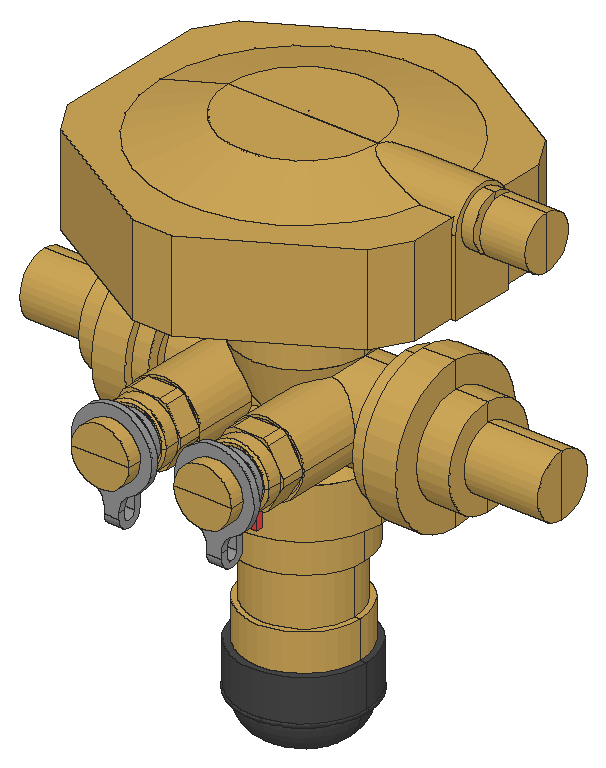
Revit family "Kombiventil 4006_M", category Rohrzubehör, Revit 2021
Family settings
  Bemaßung runder Anschluss = Durchmesser verwenden
  Teiletyp = Unterbricht
  OmniClass-Nummer = 23.65.55.14
  OmniClass-Titel = Valves for Liquid Services
  Arbeitsebenenbasiert = Nein
  Immer vertikal = Ja
  Beim Laden mit Abzugskörper schneiden = Nein
  Gemeinsam genutzt = Nein
Parameters
  kvs-Wert [instance] = if(Nennweite = 15.000 mm, 1.01, if(Nennweite = 20.000 mm, 2, if(Nennweite = 25.000 mm, 3.26, if(Nennweite = 32.000 mm, 5.59, if(Nennweite = 40.000 mm, 9.49, if(Nennweite = 50.000 mm, 9.17, 0))))))  # 1.01
  Vorgabe-Ansicht = 0.000 mm
  Min. Betriebstemperatur (Frostschutz) = -20 °C  # constant formula
  Max. Betriebstemperatur bis DN32 = 130 °C  # constant formula
  Max. Betriebstemperatur ab DN40 = 110 °C  # constant formula
  Max. Betriebsdruck = 1600000.0 Pa  # constant formula
  VRL04 = 8.000 mm  # constant formula
  VRL03 [instance] = L01 + 4.000 mm  # 12.000 mm
  VRL02 = 18.000 mm  # constant formula
  VRL01 [instance] = size_lookup("4006M_", "VRL1", 30.000 mm, Nennweite)  # 30.000 mm
  URL = "www.herz-armaturen.at"
  Stift = "Edelstahl 14301"  # constant formula
  SCRNSEQ = "ARM;ARM_TYP=\"DURR\";2"
  SCRNCODE = "05;04;02"  # constant formula
  S05 [instance] = VRL01  # 30.000 mm
  S04 [instance] = H08 + (S03 / 2)  # 45.750 mm
  S03 [instance] = H09 + 4.700 mm  # 26.500 mm
  S02 [instance] = VRD01 * 2  # 36.400 mm
  S01 [instance] = 10.000 mm  # constant formula
  R12 = 3.900 mm  # constant formula
  R11 = 6.500 mm  # constant formula
  R10 = 35.000 mm  # constant formula
  R09 = 18.250 mm  # constant formula
  R08 = 11.300 mm  # constant formula
  R07 [instance] = size_lookup("4006M_", "R7", 17.300 mm, Nennweite)  # 17.300 mm
  R06 [instance] = size_lookup("4006M_", "R6", 19.000 mm, Nennweite)  # 19.000 mm
  R05 = 15.000 mm  # constant formula
  R04 = 12.500 mm  # constant formula
  R02 [instance] = size_lookup("4006M_", "R2", 15.000 mm, Nennweite)  # 15.000 mm
  R01 [instance] = size_lookup("4006M_", "R1", 11.500 mm, Nennweite)  # 11.500 mm
  PN = 16  # constant formula
  O-Ringe = "EPDM"  # constant formula
  Nennweite [instance] = 15.000 mm
  Min. Betriebstemperatur (reines Wasser) = 2 °C  # constant formula
  Membrangehäuse = "Messing CW602N"  # constant formula
  Membrane = "EPDM"  # constant formula
  Medium = "Heizungswasserqualität nach ÖNORM H 5195 oder VDI-Richtline 2035.\r\nDie Verwendung von Ethylen- oder\nPropylenglykol in einem Mischungsverhältnis 25 - 50% ist zulässig."
  L06 [instance] = L00 / 2  # 33.000 mm
  L05 = 11.000 mm  # constant formula
  L04 = 1.500 mm  # constant formula
  L03 = 3.200 mm  # constant formula
  L02 = 43.500 mm  # constant formula
  L01 [instance] = size_lookup("4006M_", "L1", 8.000 mm, Nennweite)  # 8.000 mm
  L00 [instance] = size_lookup("4006M_", "L", 66.000 mm, Nennweite)  # 66.000 mm
  Impulsleitung = "Kupfer Cu-DHP (CW024A)"  # constant formula
  Hub = 4.000 mm  # constant formula
  Hersteller = "HERZ Armaturen Ges.m.b.H."  # constant formula
  H13 [instance] = H02 - H05 - H03 - H04 - 2.000 mm  # 21.700 mm
  H12 = 19.250 mm  # constant formula
  H11 [instance] = size_lookup("4006M_", "H11", 59.000 mm, Nennweite)  # 59.000 mm
  H10 [instance] = H08 + H09  # 54.300 mm
  H09 = 21.800 mm  # constant formula
  H08 [instance] = H01 + H06 + H07  # 32.500 mm
  H07 = 4.000 mm  # constant formula
  H06 [instance] = size_lookup("4006M_", "H6", 10.000 mm, Nennweite)  # 10.000 mm
  H05 = 9.000 mm  # constant formula
  H04 [instance] = size_lookup("4006M_", "H4", 9.600 mm, Nennweite)  # 9.600 mm
  H03 [instance] = size_lookup("4006M_", "H3", 13.000 mm, Nennweite)  # 13.000 mm
  H02 [instance] = size_lookup("4006M_", "H2", 55.300 mm, Nennweite)  # 55.300 mm
  H01 [instance] = size_lookup("4006M_", "H1", 18.500 mm, Nennweite)  # 18.500 mm
  Gehäuse = "DZR Messing CC770S"  # constant formula
  VRG03 [instance] = Nennweite / 2  # 7.500 mm
  G02 [instance] = size_lookup("4006M_", "G2", 13.900 mm, Nennweite)  # 13.900 mm
  G01 [instance] = size_lookup("4006M_", "G1", 13.200 mm, Nennweite)  # 13.200 mm
  Durchfluss bei Einstellung 100% [instance] = if(Nennweite = 15.000 mm, 0.12 L/s, if(Nennweite = 20.000 mm, 0.25 L/s, if(Nennweite = 25.000 mm, 0.53 L/s, if(Nennweite = 32.000 mm, 0.69 L/s, if(Nennweite = 40.000 mm, 1.44 L/s, if(Nennweite = 50.000 mm, 1.34 L/s, 0.0 L/s))))))  # 0.12 L/s
  Druckfeder = "Federstahl"  # constant formula
  DN50 [instance] = Nennweite = 50.000 mm  # no
  DN40 [instance] = Nennweite = 40.000 mm  # no
  DN32 [instance] = Nennweite = 32.000 mm  # no
  DN25 [instance] = Nennweite = 25.000 mm  # no
  DN20 [instance] = Nennweite = 20.000 mm  # no
  DN15 [instance] = Nennweite = 15.000 mm  # yes
  VRD03 [instance] = VRG03 + 4.500 mm  # 12.000 mm
  VRD02 [instance] = G01 + 3.000 mm  # 16.200 mm
  VRD01 [instance] = G01 + 5.000 mm  # 18.200 mm
  Bestellnummer Verschraubung [instance] = size_lookup("4006M_", "Vrnr", 0, Nennweite)  # 1621011
  Bestellnummer [instance] = size_lookup("4006M_", "Artnr", 0, Nennweite)  # 1400611
  Bauschutzkappe = "Kunststoff"  # constant formula
  Anwendungsgebiet = "Das Kombiventil wird in allen pumpenbetriebenen Heiz- und Kühlanlagen eingesetzt. Der Regler begrenzt automatisch\r\nden Volumenstrom im gewählten Anlagenteil auf den einmal eingestellten Wert, indem alle Druckschwankungen\r\ngemessen und ausgeregelt werden. Somit sind keine Messungen erforderlich und die Regelung ist bei allen\r\nBetriebsbedingungen effektiv. Das Kombiventil regelt den Volumenstrom der ventileigenen Voreinstellung auf einen\r\nkonstanten Wert; die Membran regelt aufgrund des Druckes unmittelbar nach dem Regeleinsatz, sowie des Druckes\r\ndavor.\r\nDie Verwendung von Ethylen- und Propylenglykol ist im Mischungsverhältnis 25 - 50 Vol.- [%] zulässig."
Reference planes
  plane 1 "Mitte (Vorne/hinten)": y = 0
  plane 2: z = 0
  plane 3 "Mitte (Links/rechts)": x = 0
Forms (mm)
  Revolve 1, solid, material "Messing, weicher Gelbton, geschweißt", detail levels fine
    sketch origin (0, 0, 0) x (1, 0, 0) y (0, 0, 1)
      loop
        line (-33, 0) -> (33, 0) -> (33, 13.2) -> (25, 13.2) -> (25, 11.5) -> (-25, 11.5) -> (-25, 13.2) -> (-33, 13.2) -> (-33, 0)
      axis (-33, 0) -> (33, 0)
    angle from 0 to 360
  Revolve 2, solid, material "Messing, weicher Gelbton, geschweißt", detail levels fine
    sketch origin (0, 0, 0) x (1, 0, 0) y (0, 0, 1)
      loop
        line (0, -55.3) -> (0, 18.5) -> (-15, 18.5) -> (-15, 11.5) -> (-11.5, 0) -> (-19, -11.5) -> (-19, -23.7) -> (-15, -23.7) -> (-15, -33.3) -> (-12.5, -33.3) -> (-12.5, -46.3) -> (-13.9, -46.3) -> (-13.9, -55.3) -> (0, -55.3)
      axis (0, 18.5) -> (0, -55.3)
    angle from 0 to 360
  Extrusion 3, solid, material "Messing, weicher Gelbton, geschweißt", detail levels fine
    sketch origin (0, 0, 0) x (0, -1, 0) y (1, 0, 0)
      loop
        line (-46, -4.75) -> (-27.114, -37.462) -> (-18.886, -42.212) -> (18.886, -42.212) -> (27.114, -37.462) -> (46, -4.75) -> (46, 4.75) -> (27.114, 37.462) -> (18.886, 42.212) -> (-18.886, 42.212) -> (-27.114, 37.462) -> (-46, 4.75) -> (-46, -4.75)
    from 32.5 to 54.3
  Revolve 4, solid, material "Messing, weicher Gelbton, geschweißt", detail levels fine
    sketch origin (0, 0, 0) x (1, 0, 0) y (0, 0, 1)
      loop
        line (0, 54.3) -> (0, 59) -> (-18.25, 59) -> (-35, 54.3) -> (0, 54.3)
      axis (0, 59) -> (0, 54.3)
    angle from 0 to 360
  Extrusion 5, solid, material "Messing, weicher Gelbton, geschweißt", detail levels fine
    sketch origin (0, 0, 0) x (0, 1, 0) y (0, 0, 1)
      loop
        arc (7.85, 51.15) -> (0, 59) -> (-7.85, 51.15) r 7.85
        line (-7.85, 51.15) -> (-7.85, 32.5) -> (7.85, 32.5) -> (7.85, 51.15)
    from 0 to 43.5
  Revolve 6, solid, material "Messing, weicher Gelbton, geschweißt", detail levels fine
    sketch origin (0, 0, 0) x (1, 0, 0) y (0, 0, 1)
      loop
        line (43.5, 51.75) -> (59.2, 51.75) -> (59.2, 58.25) -> (48.2, 58.25) -> (48.2, 55.65) -> (46.7, 55.65) -> (46.7, 58.25) -> (43.5, 58.25) -> (43.5, 51.75)
      axis (43.5, 51.75) -> (59.2, 51.75)
    angle from 0 to 360
  Revolve 7, solid, material "Messing, weicher Gelbton, geschweißt", visible <- "DN15", detail levels fine
    sketch origin (0, 0, 0) x (1, 0, 0) y (0, 1, 0)
      loop
        line (-12.5, 24) -> (-20.2, 24) -> (-20.2, 0) -> (-21.5, 0) -> (-21.5, -27) -> (-12.5, -27) -> (-12.5, 24)
      axis (-12.5, 24) -> (-12.5, -27)
    angle from 0 to 360
  Revolve 8, solid, material "Messing, weicher Gelbton, geschweißt", visible <- "DN15", detail levels fine
    sketch origin (-12.5, 0, 0) x (0, 1, 0) y (0, 0, 1)
      loop
        line (24, 0) -> (39.7, 0) -> (39.7, 6.5) -> (28.7, 6.5) -> (28.7, 3.9) -> (27.2, 3.9) -> (27.2, 6.5) -> (24, 6.5) -> (24, 0)
      axis (24, 0) -> (39.7, 0)
    angle from 0 to 360
  Revolve 9, solid, material "Messing, weicher Gelbton, geschweißt", visible <- "DN15", detail levels fine
    sketch origin (0, 0, 0) x (1, 0, 0) y (0, 1, 0)
      loop
        line (12.5, 0) -> (12.5, -27) -> (21.6, -27) -> (21.6, 0) -> (12.5, 0)
      axis (12.5, 0) -> (12.5, -27)
    angle from 0 to 360
  Revolve 10, solid, material "Messing, weicher Gelbton, geschweißt", visible <- "DN20", detail levels fine
    sketch origin (-2, 0, 0) x (1, 0, 0) y (0, 1, 0)
      loop
        line (-12.5, 27) -> (-20.2, 27) -> (-20.2, 0) -> (-21.5, 0) -> (-21.5, -29) -> (-12.5, -29) -> (-12.5, 27)
      axis (-12.5, 27) -> (-12.5, -29)
    angle from 0 to 360
  Revolve 11, solid, material "Messing, weicher Gelbton, geschweißt", visible <- "DN20", detail levels fine
    sketch origin (2, 0, 0) x (1, 0, 0) y (0, 1, 0)
      loop
        line (12.5, 0) -> (12.5, -29) -> (21.6, -29) -> (21.6, 0) -> (12.5, 0)
      axis (12.5, 0) -> (12.5, -29)
    angle from 0 to 360
  Revolve 12, solid, material "Messing, weicher Gelbton, geschweißt", visible <- "DN20", detail levels fine
    sketch origin (-14.5, 3, 0) x (0, 1, 0) y (0, 0, 1)
      loop
        line (24, 0) -> (39.7, 0) -> (39.7, 6.5) -> (28.7, 6.5) -> (28.7, 3.9) -> (27.2, 3.9) -> (27.2, 6.5) -> (24, 6.5) -> (24, 0)
      axis (24, 0) -> (39.7, 0)
    angle from 0 to 360
  Revolve 13, solid, material "Messing, weicher Gelbton, geschweißt", visible <- "DN25", detail levels fine
    sketch origin (-2.1, 0, 0) x (1, 0, 0) y (0, 1, 0)
      loop
        line (-12.5, 27) -> (-20.2, 27) -> (-20.2, 0) -> (-21.5, 0) -> (-21.5, -29) -> (-12.5, -29) -> (-12.5, 27)
      axis (-12.5, 27) -> (-12.5, -29)
    angle from 0 to 360
  Revolve 14, solid, material "Messing, weicher Gelbton, geschweißt", visible <- "DN25", detail levels fine
    sketch origin (-14.6, 3, 0) x (0, 1, 0) y (0, 0, 1)
      loop
        line (24, 0) -> (39.7, 0) -> (39.7, 6.5) -> (28.7, 6.5) -> (28.7, 3.9) -> (27.2, 3.9) -> (27.2, 6.5) -> (24, 6.5) -> (24, 0)
      axis (24, 0) -> (39.7, 0)
    angle from 0 to 360
  Revolve 15, solid, material "Messing, weicher Gelbton, geschweißt", visible <- "DN25", detail levels fine
    sketch origin (2.1, 0, 0) x (1, 0, 0) y (0, 1, 0)
      loop
        line (12.5, 0) -> (12.5, -29) -> (21.6, -29) -> (21.6, 0) -> (12.5, 0)
      axis (12.5, 0) -> (12.5, -29)
    angle from 0 to 360
  Revolve 16, solid, material "Messing, weicher Gelbton, geschweißt", visible <- "DN32", detail levels fine
    sketch origin (0, 0, 0.637) x (1, 0, 0) y (0, 0, 1)
      loop
        line (-31.5, -0.637) -> (-40.5, -0.637) -> (-40.5, -43.437) -> (-31.5, -43.437) -> (-31.5, -0.637)
      axis (-31.5, -43.437) -> (-31.5, -0.637)
    angle from 0 to 360
  Revolve 17, solid, material "Messing, weicher Gelbton, geschweißt", visible <- "DN32", detail levels fine
    sketch origin (0, 0, 0.637) x (-1, 0, 0) y (0, 0, 1)
      loop
        line (-31.5, -0.637) -> (-40.5, -0.637) -> (-40.5, -43.437) -> (-31.5, -43.437) -> (-31.5, -0.637)
      axis (-31.5, -43.437) -> (-31.5, -0.637)
    angle from 0 to 360
  Revolve 18, solid, material "Messing, weicher Gelbton, geschweißt", visible <- "DN40", detail levels fine
    sketch origin (0, 0, 0) x (1, 0, 0) y (0, 0, 1)
      loop
        line (-37, 0) -> (-46, 0) -> (-46, -54.2) -> (-37, -54.2) -> (-37, 0)
      axis (-37, 0) -> (-37, -54.2)
    angle from 0 to 360
  Revolve 19, solid, material "Messing, weicher Gelbton, geschweißt", visible <- "DN40", detail levels fine
    sketch origin (0, 0, 0) x (-1, 0, 0) y (0, 0, 1)
      loop
        line (-37, 0) -> (-46, 0) -> (-46, -54.2) -> (-37, -54.2) -> (-37, 0)
      axis (-37, 0) -> (-37, -54.2)
    angle from 0 to 360
  Revolve 20, solid, material "Messing, weicher Gelbton, geschweißt", visible <- "DN50", detail levels fine
    sketch origin (-0.1, 0, 0) x (1, 0, 0) y (0, 0, 1)
      loop
        line (-37, 0) -> (-46, 0) -> (-46, -54.2) -> (-37, -54.2) -> (-37, 0)
      axis (-37, 0) -> (-37, -54.2)
    angle from 0 to 360
  Revolve 21, solid, material "Messing, weicher Gelbton, geschweißt", visible <- "DN50", detail levels fine
    sketch origin (0.1, 0, 0) x (-1, 0, 0) y (0, 0, 1)
      loop
        line (-37, 0) -> (-46, 0) -> (-46, -54.2) -> (-37, -54.2) -> (-37, 0)
      axis (-37, 0) -> (-37, -54.2)
    angle from 0 to 360
  Revolve 22, solid, material "Messing, weicher Gelbton, geschweißt", detail levels fine
    sketch origin (-97.028, 0, 0) x (1, 0, 0) y (0, 0, 1)
      loop
        line (130.028, 0) -> (160.028, 0) -> (160.028, 7.5) -> (142.028, 7.5) -> (142.028, 12) -> (134.028, 12) -> (134.028, 18.2) -> (126.028, 18.2) -> (126.028, 16.2) -> (122.028, 16.2) -> (122.028, 13.2) -> (130.028, 13.2) -> (130.028, 0)
      axis (122.028, 0) -> (160.028, 0)
    angle from 0 to 360
  Revolve 23, solid, material "Messing, weicher Gelbton, geschweißt", detail levels fine
    sketch origin (97.028, 0, 0) x (-1, 0, 0) y (0, 0, 1)
      loop
        line (130.028, 0) -> (160.028, 0) -> (160.028, 7.5) -> (142.028, 7.5) -> (142.028, 12) -> (134.028, 12) -> (134.028, 18.2) -> (126.028, 18.2) -> (126.028, 16.2) -> (122.028, 16.2) -> (122.028, 13.2) -> (130.028, 13.2) -> (130.028, 0)
      axis (122.028, 0) -> (160.028, 0)
    angle from 0 to 360
  Revolve 24, solid, material "Messing, weicher Gelbton, geschweißt", visible <- "DN40", detail levels fine
    sketch origin (-17.5, 0, 0) x (1, 0, 0) y (0, 1, 0)
      loop
        line (-12.5, -39.5) -> (-12.5, 0) -> (-20.2, 0) -> (-20.2, -39.5) -> (-12.5, -39.5)
      axis (-12.5, 0) -> (-12.5, -39.5)
    angle from 0 to 360
  Revolve 25, solid, material "Messing, weicher Gelbton, geschweißt", visible <- "DN40", detail levels fine
    sketch origin (-30, -15.5, 0) x (0, -1, 0) y (0, 0, -1)
      loop
        line (24, 0) -> (24, -6.5) -> (27.2, -6.5) -> (27.2, -3.9) -> (28.7, -3.9) -> (28.7, -6.5) -> (39.7, -6.5) -> (39.7, 0) -> (24, 0)
      axis (24, 0) -> (39.7, 0)
    angle from 0 to 360
  Revolve 26, solid, material "Messing, weicher Gelbton, geschweißt", visible <- "DN50", detail levels fine
    sketch origin (-17.6, 0, 0) x (1, 0, 0) y (0, 1, 0)
      loop
        line (-12.5, -39.5) -> (-12.5, 0) -> (-20.2, 0) -> (-20.2, -39.5) -> (-12.5, -39.5)
      axis (-12.5, 0) -> (-12.5, -39.5)
    angle from 0 to 360
  Revolve 27, solid, material "Messing, weicher Gelbton, geschweißt", visible <- "DN50", detail levels fine
    sketch origin (-30.1, -15.5, 0) x (0, -1, 0) y (0, 0, -1)
      loop
        line (24, 0) -> (24, -6.5) -> (27.2, -6.5) -> (27.2, -3.9) -> (28.7, -3.9) -> (28.7, -6.5) -> (39.7, -6.5) -> (39.7, 0) -> (24, 0)
      axis (24, 0) -> (39.7, 0)
    angle from 0 to 360
  Revolve 28, solid, material "Messing, weicher Gelbton, geschweißt", visible <- "DN32", detail levels fine
    sketch origin (-9.5, 0, 0) x (1, 0, 0) y (0, 1, 0)
      loop
        line (-12.5, -31) -> (-12.5, 0) -> (-20.2, 0) -> (-20.2, -31) -> (-12.5, -31)
      axis (-12.5, 0) -> (-12.5, -31)
    angle from 0 to 360
  Revolve 29, solid, material "Messing, weicher Gelbton, geschweißt", visible <- "DN32", detail levels fine
    sketch origin (-22, -7, 0) x (0, -1, 0) y (0, 0, -1)
      loop
        line (24, 0) -> (24, -6.5) -> (27.2, -6.5) -> (27.2, -3.9) -> (28.7, -3.9) -> (28.7, -6.5) -> (39.7, -6.5) -> (39.7, 0) -> (24, 0)
      axis (24, 0) -> (39.7, 0)
    angle from 0 to 360
Lines and regions (mm)
  model lines, detail levels coarse+medium
    curve 1: line (33, -18.2, 0) -> (33, 18.2, 0)
    curve 2: line (33, 18.2, 0) -> (-33, -18.2, 0)
    curve 3: line (-33, -18.2, 0) -> (-33, 18.2, 0)
    curve 4: line (-33, 18.2, 0) -> (33, -18.2, 0)
    curve 5: line (0, -18.5, 0) -> (0, -32.5, 0)
    curve 6: spline (-43.5, -45.75, 0) -> (-42.018, -42.321, 0) -> (-37.672, -39.125, 0) -> (-30.759, -36.381, 0) -> (-21.75, -34.275, 0) -> (-11.259, -32.951, 0) -> (0, -32.5, 0) -> (11.259, -32.951, 0) -> (21.75, -34.275, 0) -> (30.759, -36.381, 0) -> (37.672, -39.125, 0) -> (42.018, -42.321, 0) -> (43.5, -45.75, 0) -> (42.018, -49.179, 0) -> (37.672, -52.375, 0) -> (30.759, -55.119, 0) -> (21.75, -57.225, 0) -> (11.259, -58.549, 0) -> (0, -59, 0) -> (-11.259, -58.549, 0) -> (-21.75, -57.225, 0) -> (-30.759, -55.119, 0) -> (-37.672, -52.375, 0) -> (-42.018, -49.179, 0) -> (-43.5, -45.75, 0)
    curve 7: line (-33, 0, 18.2) -> (-33, 0, -18.2)
    curve 8: line (-33, 0, -18.2) -> (33, 0, 18.2)
    curve 9: line (33, 0, 18.2) -> (33, 0, -18.2)
    curve 10: line (33, 0, -18.2) -> (-33, 0, 18.2)
    curve 11: line (0, 0, 18.5) -> (0, 0, 32.5)
    curve 12: spline (-43.5, 0, 45.75) -> (-42.018, 0, 49.179) -> (-37.672, 0, 52.375) -> (-30.759, 0, 55.119) -> (-21.75, 0, 57.225) -> (-11.259, 0, 58.549) -> (0, 0, 59) -> (11.259, 0, 58.549) -> (21.75, 0, 57.225) -> (30.759, 0, 55.119) -> (37.672, 0, 52.375) -> (42.018, 0, 49.179) -> (43.5, 0, 45.75) -> (42.018, 0, 42.321) -> (37.672, 0, 39.125) -> (30.759, 0, 36.381) -> (21.75, 0, 34.275) -> (11.259, 0, 32.951) -> (0, 0, 32.5) -> (-11.259, 0, 32.951) -> (-21.75, 0, 34.275) -> (-30.759, 0, 36.381) -> (-37.672, 0, 39.125) -> (-42.018, 0, 42.321) -> (-43.5, 0, 45.75)
    curve 13: line (0, 0, 18.5) -> (16.5, 0, 9.1)
    curve 14: line (0, 0, 18.5) -> (-16.5, 0, 9.1)
    curve 15: line (33, 0, 18.2) -> (43, 0, 18.2)
    curve 16: line (43, 0, 18.2) -> (33, 0, 0)
    curve 17: line (33, 0, -18.2) -> (43, 0, -18.2)
    curve 18: line (43, 0, -18.2) -> (33, 0, 0)
    curve 19: line (-33, 0, 18.2) -> (-43, 0, 18.2)
    curve 20: line (-43, 0, 18.2) -> (-33, 0, 0)
    curve 21: line (-33, 0, -18.2) -> (-43, 0, -18.2)
    curve 22: line (-43, 0, -18.2) -> (-33, 0, 0)
    curve 23: line (33, 0, 0) -> (63, 0, 0)
    curve 24: line (-33, 0, 0) -> (-63, 0, 0)
    curve 25: line (0, -18.5, 0) -> (-16.5, -9.1, 0)
    curve 26: line (0, -18.5, 0) -> (16.5, -9.1, 0)
    curve 27: line (33, 18.2, 0) -> (43, 18.2, 0)
    curve 28: line (43, 18.2, 0) -> (33, 0, 0)
    curve 29: line (33, -18.2, 0) -> (43, -18.2, 0)
    curve 30: line (43, -18.2, 0) -> (33, 0, 0)
    curve 31: line (-33, 18.2, 0) -> (-43, 18.2, 0)
    curve 32: line (-43, 18.2, 0) -> (-33, 0, 0)
    curve 33: line (-33, -18.2, 0) -> (-43, -18.2, 0)
    curve 34: line (-43, -18.2, 0) -> (-33, 0, 0)
Dimensions and locks
  equal spacing: Revolve 1 sketch curve, plane 3 "Mitte (Links/rechts)", Revolve 1 sketch curve
  "L00": Revolve 1 sketch curve to Revolve 1 sketch curve
  "G01": Revolve 1 sketch curve to Revolve 1 sketch curve  (x2)
  "R01": Revolve 1 sketch curve to Revolve 1 sketch curve
  "L01": Revolve 1 sketch curve to Revolve 1 sketch curve  (x2)
  "H01": Revolve 2 sketch curve to plane 2
  "R01": Revolve 2 sketch curve to plane 2
  "R02": Revolve 2 sketch curve to Revolve 2 sketch curve
  "R01": Revolve 2 sketch curve to Revolve 2 sketch curve
  "H02": plane 2 to Revolve 2 sketch curve
  "G02": plane 3 "Mitte (Links/rechts)" to Revolve 2 sketch curve
  "H05": Revolve 2 sketch curve to Revolve 2 sketch curve
  "R04": Revolve 2 sketch curve to Revolve 2 sketch curve
  "R05": Revolve 2 sketch curve to Revolve 2 sketch curve
  "R06": Revolve 2 sketch curve to Revolve 2 sketch curve
  "R01": plane 2 to Revolve 2 sketch curve
  "H03": Revolve 2 sketch curve to Revolve 2 sketch curve
  "H04": Revolve 2 sketch curve to Revolve 2 sketch curve
  "H08": Extrusion 3 to plane 2
  "H09": Extrusion 3 to Extrusion 3
  "H10": Revolve 4 sketch curve to plane 2
  "H11": Revolve 4 sketch curve to plane 2
  "R09": Revolve 4 sketch curve to Revolve 4 sketch curve
  "R10": Revolve 4 sketch curve to Revolve 4 sketch curve
  "L02": Extrusion 5 to plane 3 "Mitte (Links/rechts)"
  "H08": Extrusion 5 to plane 2
  "H12": Revolve 6 sketch curve to Extrusion 3
  "R11": Revolve 6 sketch curve to Revolve 6 sketch curve  (x2)
  "L03": Revolve 6 sketch curve to Revolve 6 sketch curve
  "L04": Revolve 6 sketch curve to Revolve 6 sketch curve
  "L05": Revolve 6 sketch curve to Revolve 6 sketch curve
  "R12": Revolve 6 sketch curve to Revolve 6 sketch curve
  "R11": Revolve 8 sketch curve to Revolve 8 sketch curve  (x2)
  "L03": Revolve 8 sketch curve to Revolve 8 sketch curve
  "L04": Revolve 8 sketch curve to Revolve 8 sketch curve
  "L05": Revolve 8 sketch curve to Revolve 8 sketch curve
  "R12": Revolve 8 sketch curve to Revolve 8 sketch curve
  "R06": plane 1 "Mitte (Vorne/hinten)" to nested 1
  Revolve 10 sketch curve to plane 1 "Mitte (Vorne/hinten)" = 29.000 mm
  plane 1 "Mitte (Vorne/hinten)" to Revolve 10 sketch curve = 27.000 mm
  Revolve 11 sketch curve to plane 1 "Mitte (Vorne/hinten)" = 29.000 mm
  "R11": Revolve 12 sketch curve to Revolve 12 sketch curve  (x2)
  "L03": Revolve 12 sketch curve to Revolve 12 sketch curve
  "L04": Revolve 12 sketch curve to Revolve 12 sketch curve
  "L05": Revolve 12 sketch curve to Revolve 12 sketch curve
  "R12": Revolve 12 sketch curve to Revolve 12 sketch curve
  "H13": plane 2 to nested 1
  "R11": Revolve 14 sketch curve to Revolve 14 sketch curve  (x2)
  "L03": Revolve 14 sketch curve to Revolve 14 sketch curve
  "L04": Revolve 14 sketch curve to Revolve 14 sketch curve
  "L05": Revolve 14 sketch curve to Revolve 14 sketch curve
  "R12": Revolve 14 sketch curve to Revolve 14 sketch curve
  plane 3 "Mitte (Links/rechts)" to Revolve 16 sketch curve = 31.500 mm
  Revolve 16 sketch curve to Revolve 16 sketch curve = 9.000 mm
  plane 2 to Revolve 16 sketch curve = 42.800 mm
  Revolve 17 sketch curve to Revolve 17 sketch curve = 9.000 mm
  "VRL01": Revolve 22 sketch curve to Revolve 22 sketch curve
  "L01": Revolve 22 sketch curve to Revolve 22 sketch curve
  "G01": Revolve 22 sketch curve to plane 2
  "VRD02": Revolve 22 sketch curve to plane 2
  "VRD01": Revolve 22 sketch curve to plane 2
  "VRG03": Revolve 22 sketch curve to Revolve 22 sketch curve
  "VRL02": Revolve 22 sketch curve to Revolve 22 sketch curve
  "VRD03": Revolve 22 sketch curve to Revolve 22 sketch curve
  "VRL03": Revolve 22 sketch curve to Revolve 22 sketch curve
  "VRL04": Revolve 22 sketch curve to Revolve 22 sketch curve
  "L06": plane 3 "Mitte (Links/rechts)" to Revolve 22 sketch curve
  "VRL01": Revolve 23 sketch curve to Revolve 23 sketch curve
  "L01": Revolve 23 sketch curve to Revolve 23 sketch curve
  "VRG03": Revolve 23 sketch curve to Revolve 23 sketch curve
  "VRL02": Revolve 23 sketch curve to Revolve 23 sketch curve
  "VRD03": Revolve 23 sketch curve to Revolve 23 sketch curve
  "VRL03": Revolve 23 sketch curve to Revolve 23 sketch curve
  "VRL04": Revolve 23 sketch curve to Revolve 23 sketch curve
  "L06": Revolve 23 sketch curve to plane 3 "Mitte (Links/rechts)"
  "H02": plane 2 to nested 2
  equal spacing: curve 3, plane 3 "Mitte (Links/rechts)", curve 1
  "L00": curve 3 to curve 1
  "S02": curve 4 to curve 3
  equal spacing: curve 3, plane 1 "Mitte (Vorne/hinten)", curve 4
  "VRD01": Revolve 23 sketch curve to plane 2
  "VRD02": Revolve 23 sketch curve to plane 2
  equal spacing: curve 4, plane 1 "Mitte (Vorne/hinten)", curve 2
  "S02": curve 2 to curve 4
  "S03": curve 6 to curve 6
  "L02": curve 6 to plane 3 "Mitte (Links/rechts)"
  "L02": plane 3 "Mitte (Links/rechts)" to curve 6
  "S04": curve 6 to plane 1 "Mitte (Vorne/hinten)"
  "H08": curve 5 to plane 1 "Mitte (Vorne/hinten)"
  "S02": curve 10 to curve 8
  equal spacing: curve 10, plane 2, curve 8
  "S02": curve 9 to curve 10
  equal spacing: curve 9, plane 2, curve 10
  "L00": curve 7 to curve 9
  equal spacing: curve 7, plane 3 "Mitte (Links/rechts)", curve 9
  "H08": curve 11 to plane 2
  "S03": curve 12 to curve 12
  "L02": curve 12 to plane 3 "Mitte (Links/rechts)"
  "L02": plane 3 "Mitte (Links/rechts)" to curve 12
  "S04": curve 12 to plane 2
  equal spacing: curve 7, curve 14, plane 3 "Mitte (Links/rechts)"
  equal spacing: curve 9, curve 13, plane 3 "Mitte (Links/rechts)"
  "H01": curve 14 to plane 2
  "S01": curve 9 to curve 16
  "S01": curve 9 to curve 18
  "S01": curve 20 to curve 7
  "S01": curve 22 to curve 7
  "S05": curve 23 to curve 23
  "S05": curve 24 to curve 24
  equal spacing: curve 3, curve 25, plane 3 "Mitte (Links/rechts)"
  equal spacing: nested 2, curve 26, curve 1
  "H01": curve 26 to plane 1 "Mitte (Vorne/hinten)"
  "S01": curve 1 to curve 28
  "S01": curve 1 to curve 30
  "S01": curve 32 to curve 3
  "S01": curve 34 to curve 3
  curve 29 to nested 6 = 8.700 mm
  "R11": Revolve 25 sketch curve to Revolve 25 sketch curve  (x2)
  "L03": Revolve 25 sketch curve to Revolve 25 sketch curve
  "L04": Revolve 25 sketch curve to Revolve 25 sketch curve
  "L05": Revolve 25 sketch curve to Revolve 25 sketch curve
  "R12": Revolve 25 sketch curve to Revolve 25 sketch curve
  Revolve 24 sketch curve to Revolve 24 sketch curve = 39.500 mm
  "R11": Revolve 27 sketch curve to Revolve 27 sketch curve  (x2)
  "L03": Revolve 27 sketch curve to Revolve 27 sketch curve
  "L04": Revolve 27 sketch curve to Revolve 27 sketch curve
  "L05": Revolve 27 sketch curve to Revolve 27 sketch curve
  "R12": Revolve 27 sketch curve to Revolve 27 sketch curve
  Revolve 26 sketch curve to Revolve 26 sketch curve = 39.500 mm
  "R11": Revolve 29 sketch curve to Revolve 29 sketch curve  (x2)
  "L03": Revolve 29 sketch curve to Revolve 29 sketch curve
  "L04": Revolve 29 sketch curve to Revolve 29 sketch curve
  "L05": Revolve 29 sketch curve to Revolve 29 sketch curve
  "R12": Revolve 29 sketch curve to Revolve 29 sketch curve
  Revolve 28 sketch curve to Revolve 28 sketch curve = 31.000 mm
  aligned and locked: level to plane 2
Automatic sketch dimensions
  plane 3 "Mitte (Links/rechts)" to Extrusion 3 sketch curve = 4.750 mm  (x2)
  Extrusion 3 sketch curve to plane 1 "Mitte (Vorne/hinten)" = 46.000 mm
  Extrusion 3 sketch curve to plane 1 "Mitte (Vorne/hinten)" = 27.114 mm  (x2)
  Extrusion 3 sketch curve to Extrusion 3 sketch curve = 8.227 mm  (x4)
  plane 1 "Mitte (Vorne/hinten)" to Extrusion 3 sketch curve = 18.886 mm  (x2)
  Extrusion 3 sketch curve to Extrusion 3 sketch curve = 18.886 mm
  Extrusion 3 sketch curve to plane 3 "Mitte (Links/rechts)" = 4.750 mm  (x2)
  Extrusion 3 sketch curve to plane 3 "Mitte (Links/rechts)" = 37.462 mm  (x2)
  Extrusion 3 sketch curve to Extrusion 3 sketch curve = 4.750 mm  (x2)
  plane 3 "Mitte (Links/rechts)" to Extrusion 3 sketch curve = 37.462 mm  (x2)
  Extrusion 5 sketch curve to plane 1 "Mitte (Vorne/hinten)" = 0.000 mm
  plane 1 "Mitte (Vorne/hinten)" to Extrusion 5 sketch curve = 7.850 mm
  level to Extrusion 5 sketch curve = 32.500 mm
  Extrusion 5 sketch curve to Extrusion 5 sketch curve = 18.650 mm
  Extrusion 5 sketch curve to Extrusion 5 sketch curve = 0.000 mm
  plane 1 "Mitte (Vorne/hinten)" to Revolve 7 sketch curve = 0.000 mm
  Revolve 7 sketch curve to plane 3 "Mitte (Links/rechts)" = 21.500 mm
  Revolve 7 sketch curve to plane 3 "Mitte (Links/rechts)" = 20.200 mm
  Revolve 7 sketch curve to Revolve 7 sketch curve = 7.700 mm
  plane 1 "Mitte (Vorne/hinten)" to Revolve 7 sketch curve = 27.000 mm
  Revolve 7 sketch curve to plane 1 "Mitte (Vorne/hinten)" = 24.000 mm
  Revolve 7 sketch curve to Revolve 7 sketch curve = 0.000 mm  (x3)
  plane 1 "Mitte (Vorne/hinten)" to Revolve 9 sketch curve = 0.000 mm  (x2)
  plane 3 "Mitte (Links/rechts)" to Revolve 9 sketch curve = 12.500 mm
  Revolve 9 sketch curve to Revolve 9 sketch curve = 9.100 mm
  plane 1 "Mitte (Vorne/hinten)" to Revolve 9 sketch curve = 27.000 mm
  Revolve 9 sketch curve to Revolve 9 sketch curve = 0.000 mm  (x2)
  plane 1 "Mitte (Vorne/hinten)" to Revolve 10 sketch curve = 0.000 mm
  Revolve 10 sketch curve to plane 3 "Mitte (Links/rechts)" = 23.500 mm
  Revolve 10 sketch curve to plane 3 "Mitte (Links/rechts)" = 22.200 mm
  Revolve 10 sketch curve to Revolve 10 sketch curve = 7.700 mm
  Revolve 10 sketch curve to Revolve 10 sketch curve = 0.000 mm
  Revolve 10 sketch curve to Revolve 10 sketch curve = 2.000 mm
  Revolve 10 sketch curve to Revolve 10 sketch curve = 3.000 mm
  plane 1 "Mitte (Vorne/hinten)" to Revolve 11 sketch curve = 0.000 mm  (x2)
  plane 3 "Mitte (Links/rechts)" to Revolve 11 sketch curve = 14.500 mm
  Revolve 11 sketch curve to Revolve 11 sketch curve = 9.100 mm
  Revolve 11 sketch curve to Revolve 11 sketch curve = 0.000 mm
  Revolve 11 sketch curve to Revolve 11 sketch curve = 2.000 mm
  plane 1 "Mitte (Vorne/hinten)" to Revolve 13 sketch curve = 0.000 mm
  Revolve 13 sketch curve to plane 3 "Mitte (Links/rechts)" = 23.600 mm
  Revolve 13 sketch curve to plane 3 "Mitte (Links/rechts)" = 22.300 mm
  Revolve 13 sketch curve to Revolve 13 sketch curve = 7.700 mm
  plane 1 "Mitte (Vorne/hinten)" to Revolve 13 sketch curve = 29.000 mm
  Revolve 13 sketch curve to Revolve 13 sketch curve = 27.000 mm
  Revolve 13 sketch curve to Revolve 13 sketch curve = 0.000 mm
  Revolve 13 sketch curve to Revolve 13 sketch curve = 2.000 mm
  Revolve 13 sketch curve to Revolve 13 sketch curve = 3.000 mm
  plane 1 "Mitte (Vorne/hinten)" to Revolve 15 sketch curve = 0.000 mm  (x2)
  plane 3 "Mitte (Links/rechts)" to Revolve 15 sketch curve = 14.600 mm
  Revolve 15 sketch curve to Revolve 15 sketch curve = 9.100 mm
  Revolve 15 sketch curve to Revolve 15 sketch curve = 29.000 mm
  Revolve 15 sketch curve to Revolve 15 sketch curve = 0.000 mm
  Revolve 15 sketch curve to Revolve 15 sketch curve = 2.000 mm
  Revolve 16 sketch curve to level = 0.000 mm
  Revolve 16 sketch curve to Revolve 16 sketch curve = 0.000 mm
  Revolve 16 sketch curve to Revolve 16 sketch curve = 4.238 mm
  level to Revolve 16 sketch curve = 0.637 mm
  Revolve 17 sketch curve to level = 0.000 mm
  Revolve 17 sketch curve to plane 3 "Mitte (Links/rechts)" = 40.500 mm
  level to Revolve 17 sketch curve = 42.800 mm
  Revolve 17 sketch curve to Revolve 17 sketch curve = 0.000 mm
  Revolve 17 sketch curve to Revolve 17 sketch curve = 4.238 mm
  Revolve 17 sketch curve to level = 0.637 mm
  Revolve 18 sketch curve to level = 0.000 mm  (x2)
  Revolve 18 sketch curve to plane 3 "Mitte (Links/rechts)" = 46.000 mm
  Revolve 18 sketch curve to Revolve 18 sketch curve = 9.000 mm
  Revolve 18 sketch curve to level = 54.200 mm
  Revolve 18 sketch curve to Revolve 18 sketch curve = 0.000 mm  (x2)
  Revolve 19 sketch curve to level = 0.000 mm  (x2)
  Revolve 19 sketch curve to plane 3 "Mitte (Links/rechts)" = 46.000 mm
  Revolve 19 sketch curve to Revolve 19 sketch curve = 9.000 mm
  level to Revolve 19 sketch curve = 54.200 mm
  Revolve 19 sketch curve to Revolve 19 sketch curve = 0.000 mm  (x2)
  Revolve 20 sketch curve to level = 0.000 mm  (x2)
  Revolve 20 sketch curve to plane 3 "Mitte (Links/rechts)" = 46.100 mm
  Revolve 20 sketch curve to Revolve 20 sketch curve = 9.000 mm
  Revolve 20 sketch curve to Revolve 20 sketch curve = 54.200 mm
  Revolve 20 sketch curve to Revolve 20 sketch curve = 0.000 mm  (x2)
  Revolve 21 sketch curve to level = 0.000 mm  (x2)
  Revolve 21 sketch curve to plane 3 "Mitte (Links/rechts)" = 46.100 mm
  Revolve 21 sketch curve to Revolve 21 sketch curve = 9.000 mm
  Revolve 21 sketch curve to Revolve 21 sketch curve = 54.200 mm
  Revolve 21 sketch curve to Revolve 21 sketch curve = 0.000 mm  (x2)
  plane 1 "Mitte (Vorne/hinten)" to Revolve 24 sketch curve = 0.000 mm  (x2)
  Revolve 24 sketch curve to plane 3 "Mitte (Links/rechts)" = 37.700 mm
  Revolve 24 sketch curve to Revolve 24 sketch curve = 7.700 mm
  Revolve 24 sketch curve to Revolve 24 sketch curve = 0.000 mm
  Revolve 24 sketch curve to Revolve 24 sketch curve = 15.500 mm
  plane 1 "Mitte (Vorne/hinten)" to Revolve 26 sketch curve = 0.000 mm  (x2)
  Revolve 26 sketch curve to plane 3 "Mitte (Links/rechts)" = 37.800 mm
  Revolve 26 sketch curve to Revolve 26 sketch curve = 7.700 mm
  Revolve 26 sketch curve to Revolve 26 sketch curve = 0.000 mm
  Revolve 26 sketch curve to Revolve 26 sketch curve = 15.500 mm
  plane 1 "Mitte (Vorne/hinten)" to Revolve 28 sketch curve = 0.000 mm  (x2)
  Revolve 28 sketch curve to plane 3 "Mitte (Links/rechts)" = 29.700 mm
  Revolve 28 sketch curve to Revolve 28 sketch curve = 7.700 mm
  Revolve 28 sketch curve to Revolve 28 sketch curve = 0.000 mm
  Revolve 28 sketch curve to Revolve 28 sketch curve = 7.000 mm
  curve 11 to plane 3 "Mitte (Links/rechts)" = 0.000 mm
  curve 23 to level = 0.000 mm
  curve 22 to level = 0.000 mm
  curve 24 to level = 0.000 mm
  curve 26 to plane 3 "Mitte (Links/rechts)" = 0.000 mm
  plane 1 "Mitte (Vorne/hinten)" to curve 28 = 0.000 mm
  plane 1 "Mitte (Vorne/hinten)" to curve 32 = 0.000 mm
  plane 1 "Mitte (Vorne/hinten)" to curve 30 = 0.000 mm
  plane 1 "Mitte (Vorne/hinten)" to curve 34 = 0.000 mm
  Revolve 1 sketch curve to level = 0.000 mm  (x2)
  Revolve 1 sketch curve to Revolve 1 sketch curve = 1473.530 mm
  Revolve 1 sketch curve to Revolve 1 sketch curve = 1806.148 mm
  Revolve 2 sketch curve to level = 0.000 mm
  Revolve 2 sketch curve to plane 3 "Mitte (Links/rechts)" = 0.000 mm  (x2)
  Revolve 2 sketch curve to Revolve 2 sketch curve = 310.745 mm
  Revolve 2 sketch curve to Revolve 2 sketch curve = 2195.815 mm
  Revolve 4 sketch curve to plane 3 "Mitte (Links/rechts)" = 0.000 mm  (x2)
  Revolve 4 sketch curve to level = 366.045 mm
  Revolve 4 sketch curve to Revolve 4 sketch curve = 2155.315 mm
  plane 3 "Mitte (Links/rechts)" to Revolve 6 sketch curve = 43.500 mm
  Revolve 6 sketch curve to Revolve 6 sketch curve = 0.000 mm  (x3)
  Revolve 8 sketch curve to level = 0.000 mm  (x2)
  Revolve 8 sketch curve to plane 1 "Mitte (Vorne/hinten)" = 24.000 mm
  Revolve 8 sketch curve to Revolve 8 sketch curve = 0.000 mm  (x2)
  Revolve 12 sketch curve to level = 0.000 mm  (x2)
  Revolve 12 sketch curve to plane 1 "Mitte (Vorne/hinten)" = 27.000 mm
  Revolve 12 sketch curve to Revolve 12 sketch curve = 0.000 mm  (x2)
  Revolve 14 sketch curve to level = 0.000 mm  (x2)
  Revolve 14 sketch curve to plane 1 "Mitte (Vorne/hinten)" = 27.000 mm
  Revolve 14 sketch curve to Revolve 14 sketch curve = 0.000 mm  (x2)
  Revolve 22 sketch curve to level = 0.000 mm  (x2)
  Revolve 22 sketch curve to plane 3 "Mitte (Links/rechts)" = 1603.558 mm
  Revolve 22 sketch curve to Revolve 22 sketch curve = 1682.120 mm
  Revolve 23 sketch curve to level = 0.000 mm  (x2)
  Revolve 23 sketch curve to Revolve 23 sketch curve = 3.000 mm
  Revolve 23 sketch curve to plane 3 "Mitte (Links/rechts)" = 1603.558 mm
  Revolve 23 sketch curve to Revolve 23 sketch curve = 1682.120 mm
  Revolve 25 sketch curve to level = 0.000 mm  (x2)
  plane 1 "Mitte (Vorne/hinten)" to Revolve 25 sketch curve = 39.500 mm
  Revolve 25 sketch curve to Revolve 25 sketch curve = 0.000 mm  (x2)
  Revolve 27 sketch curve to level = 0.000 mm  (x2)
  plane 1 "Mitte (Vorne/hinten)" to Revolve 27 sketch curve = 39.500 mm
  Revolve 27 sketch curve to Revolve 27 sketch curve = 0.000 mm  (x2)
  Revolve 29 sketch curve to level = 0.000 mm  (x2)
  plane 1 "Mitte (Vorne/hinten)" to Revolve 29 sketch curve = 31.000 mm
  Revolve 29 sketch curve to Revolve 29 sketch curve = 0.000 mm  (x2)
Nested families
  nested 1: "Herz-Logo-vorne" at (-0.018, -19, -17.2) x (0, 1, 0) z (0, 0, 1), type "Herz-Logo-vorne", detail levels fine
  nested 2: "Bauschutzkappe für Kombiventil" at (0, 0, -55.3), type "Bauschutzkappe für Kombiventil", detail levels fine
  nested 3: "Messstutzen_Band_Eintritt" at (-14.5, -11.5, 0), visible <- "DN20", type "Messstutzen_Band_Eintritt"
    with Schutzkappe yes, Nennweite 0.000 mm, Gewicht 0.00 kg, Bestellnummer 0
  nested 4: "Messstutzen_Band_Eintritt" at (-14.6, -11.5, 0), visible <- "DN25", type "Messstutzen_Band_Eintritt"
    with Schutzkappe yes, Nennweite 0.000 mm, Gewicht 0.00 kg, Bestellnummer 0
  nested 5: "Messstutzen_Band_Eintritt" at (-12.5, -9.5, 0), visible <- "DN15", type "Messstutzen_Band_Eintritt"
    with Schutzkappe yes, Nennweite 0.000 mm, Gewicht 0.00 kg, Bestellnummer 0
  nested 6: "Messstutzen_Band_Austritt" at (12.5, -9.5, 0), visible <- "DN15", type "Messstutzen_Band_Austritt"
    with Schutzkappe yes, Nennweite 0.000 mm, Gewicht 0.00 kg, Bestellnummer 0
  nested 7: "Messstutzen_Band_Austritt" at (14.6, -11.5, 0), visible <- "DN25", type "Messstutzen_Band_Austritt"
    with Schutzkappe yes, Nennweite 0.000 mm, Gewicht 0.00 kg, Bestellnummer 0
  nested 8: "Messstutzen_Band_Austritt" at (14.5, -11.5, 0), visible <- "DN20", type "Messstutzen_Band_Austritt"
    with Schutzkappe yes, Nennweite 0.000 mm, Gewicht 0.00 kg, Bestellnummer 0
  nested 9: "Messstutzen_Band_Austritt_senkrecht" at (31.5, 0, -25.3), visible <- "DN32", type "Messstutzen_Band_Austritt_senkrecht"
    with Schutzkappe yes, Nennweite 0.000 mm, Gewicht 0.00 kg, Bestellnummer 0
  nested 10: "Messstutzen_Band_Austritt_senkrecht" at (37.1, 0, -36.7), visible <- "DN50", type "Messstutzen_Band_Austritt_senkrecht"
    with Schutzkappe yes, Nennweite 0.000 mm, Gewicht 0.00 kg, Bestellnummer 0
  nested 11: "Messstutzen_Band_Austritt_senkrecht" at (37, 0, -36.7), visible <- "DN40", type "Messstutzen_Band_Austritt_senkrecht"
    with Schutzkappe yes, Nennweite 0.000 mm, Gewicht 0.00 kg, Bestellnummer 0
  nested 12: "Messstutzen_Band_Eintritt_senkrecht" at (-37, 0, -36.7), visible <- "DN40", type "Messstutzen_Band_Eintritt_senkrecht"
    with Schutzkappe yes, Nennweite 0.000 mm, Gewicht 0.00 kg, Bestellnummer 0
  nested 13: "Messstutzen_Band_Eintritt_senkrecht" at (-37.1, 0, -36.7), visible <- "DN50", type "Messstutzen_Band_Eintritt_senkrecht"
    with Schutzkappe yes, Nennweite 0.000 mm, Gewicht 0.00 kg, Bestellnummer 0
  nested 14: "Messstutzen_Band_Eintritt_senkrecht" at (-31.5, 0, -25.3), visible <- "DN32", type "Messstutzen_Band_Eintritt_senkrecht"
    with Schutzkappe yes, Nennweite 0.000 mm, Gewicht 0.00 kg, Bestellnummer 0
Connectors
  piping at (63, 0, 0), diameter 15, driven by "Nennweite"
    settings: on Revolve 22, index 1, connector inside diameter 609.6 mm, connector length 0.000 mm, flow factor 0, pipe flow 0.0 L/s, pressure drop 0.0 Pa, fitting loss kfactor 0, connector angle 0.00°, fixture units 0, engagement length 0.000 mm, angle of deflection 0.00°, flow configuration 0, flow direction 1, fitting loss method 0, system type 29, joint type 0, gender type 0, connector reference index -1, connector utility 0, adjustable connector no, is connector primary yes, connector description ""
  piping at (-63, 0, 0), diameter 15, driven by "Nennweite"
    settings: on Revolve 23, index 2, connector inside diameter 609.6 mm, connector length 0.000 mm, flow factor 0, pipe flow 0.0 L/s, pressure drop 0.0 Pa, fitting loss kfactor 0, connector angle 0.00°, fixture units 0, engagement length 0.000 mm, angle of deflection 0.00°, flow configuration 0, flow direction 2, fitting loss method 0, system type 29, joint type 0, gender type 0, connector reference index -1, connector utility 0, adjustable connector no, is connector primary no, connector description ""
Definition of nested family "Herz-Logo-vorne"
  Parameters (values of type "Herz-Logo-vorne")
    Default Elevation = 0.000 mm
  Reference planes
    plane 1 "Mitte (Vorne/hinten)": y = 0
    plane 2: z = 0
    plane 3 "Mitte (Links/rechts)": x = 0
  Forms (mm)
    Extrusion 1, solid
      sketch origin (0.732, -0.018, 0.017) x (0, -1, 0) y (0, 0, 1)
        loop
          line (-0.018, -4.517) -> (4.482, -4.517) -> (4.482, 4.483) -> (-4.518, 4.483) -> (-4.518, -4.517) -> (-0.018, -4.517)
        loop
          line (-0.05, -3.48) -> (3.482, -3.48) -> (3.482, 3.483) -> (-3.518, 3.483) -> (-3.518, -3.48) -> (-0.05, -3.48)
        loop
          arc (-0.018, 2.383) -> (-1.543, 3.287) -> (-3.067, 2.383) r 1.738
          arc (-3.067, 2.383) -> (-3.191, 1.899) -> (-3.067, 1.415) r 1.009
          line (-3.067, 1.415) -> (-0.018, -3.281) -> (3.032, 1.415)
          arc (3.032, 1.415) -> (3.156, 1.899) -> (3.032, 2.383) r 1.009
          arc (3.032, 2.383) -> (1.507, 3.287) -> (-0.018, 2.383) r 1.738
        loop
          arc (1.885, 1.272) -> (2.005, 1.675) -> (1.885, 2.079) r 0.74
          arc (1.885, 2.079) -> (1.265, 2.416) -> (0.644, 2.079) r 0.74
          line (0.644, 2.079) -> (-0.018, 0.97) -> (-0.679, 2.079)
          arc (-0.679, 2.079) -> (-1.3, 2.416) -> (-1.921, 2.079) r 0.74
          arc (-1.921, 2.079) -> (-2.04, 1.675) -> (-1.921, 1.272) r 0.74
          line (-1.921, 1.272) -> (-0.018, -1.658) -> (1.885, 1.272)
      from 0 to 1.5
  Dimensions and locks
    aligned and locked: level to plane 2
Definition of nested family "Bauschutzkappe für Kombiventil"
  Parameters (values of type "Bauschutzkappe für Kombiventil")
    Default Elevation = 0.000 mm
  Reference planes
    plane 1 "Mitte (Vorne/hinten)": y = 0
    plane 2: z = 0
    plane 3 "Mitte (Links/rechts)": x = 0
  Forms (mm)
    Revolve 1, solid
      sketch origin (0, 0, 0) x (1, 0, 0) y (0, 0, 1)
        loop
          line (0, 0) -> (-15.5, 0) -> (-15.5, -10.067)
          arc (-15.5, -10.067) -> (-15.733, -10.629) -> (-15.25, -11) r 0.5
          line (-15.25, -11) -> (-14.093, -11)
          arc (-14.093, -11) -> (-11.457, -17.364) -> (-5.093, -20) r 9
          line (-5.093, -20) -> (0, -20) -> (0, 0)
        axis (0, 0) -> (0, -20)
      angle from 0 to 360
  Dimensions and locks
    aligned and locked: level to plane 2
Definition of nested family "Messstutzen_Band_Eintritt"
  Parameters (values of type "Messstutzen_Band_Eintritt")
    Default Elevation = 0.000 mm
    URL = "www.herz-armaturen.at"
    Schutzkappe [instance] = yes
    Nennweite [instance] = 0.000 mm
    Manufacturer = "Herz Armaturen GmbH"  # constant formula
    Gewicht [instance] = 0.00 kg
    Bestellnummer [instance] = 0
  Reference planes
    plane 1 "Mitte (Vorne/hinten)": y = 0
    plane 2: z = 0
    plane 3 "Mitte (Links/rechts)": x = 0
    plane 4 "Schlaufe 1": y = -27
    plane 5 "Schlaufe 2": y = -31.678
  Forms (mm)
    Revolve 1, solid, detail levels fine
      sketch origin (0, 0, 0) x (1, 0, 0) y (0, 1, 0)
        loop
          line (-7.4, -9) -> (-7.4, -16.5)
          arc (-7.4, -16.5) -> (-7.693, -17.207) -> (-8.4, -17.5) r 1
          line (-8.4, -17.5) -> (-2, -17.5) -> (-2, 0) -> (-5.555, 0) -> (-6.455, -0.9) -> (-6.455, -4.681) -> (-5.843, -5.293)
          arc (-5.843, -5.293) -> (-5.626, -5.617) -> (-5.55, -6) r 1
          line (-5.55, -6) -> (-5.55, -9) -> (-7.4, -9)
        loop
          line (-3.7, -27) -> (-3.7, -30.45) -> (-4.415, -30.863) -> (-4.415, -35.19) -> (-3.805, -35.8) -> (-2, -35.8) -> (-2, -23) -> (-7.9, -23) -> (-7.9, -26.4) -> (-7.3, -27) -> (-3.7, -27)
        axis (0, 0) -> (0, -35.8)
      angle from 0 to 360
    Extrusion 2, solid, detail levels fine
      sketch origin (0, -17.5, 0) x (-1, 0, 0) y (0, 0, -1)
        loop
          line (5.156, -7.07) -> (8.7, -0.93)
          arc (8.7, -0.93) -> (8.75, 0) -> (8.7, 0.93) r 8.75
          line (8.7, 0.93) -> (5.156, 7.07)
          arc (5.156, 7.07) -> (4.375, 7.578) -> (3.544, 8) r 8.75
          line (3.544, 8) -> (-3.544, 8)
          arc (-3.544, 8) -> (-4.375, 7.578) -> (-5.156, 7.07) r 8.75
          line (-5.156, 7.07) -> (-8.7, 0.93)
          arc (-8.7, 0.93) -> (-8.75, 0) -> (-8.7, -0.93) r 8.75
          line (-8.7, -0.93) -> (-5.156, -7.07)
          arc (-5.156, -7.07) -> (-4.375, -7.578) -> (-3.544, -8) r 8.75
          line (-3.544, -8) -> (3.544, -8)
          arc (3.544, -8) -> (4.375, -7.578) -> (5.156, -7.07) r 8.75
      from 0 to 5.5
    Revolve 3, solid, visible <- "Schutzkappe", detail levels fine
      sketch origin (0, 0, 0) x (1, 0, 0) y (0, 1, 0)
        loop
          line (0, -35.878) -> (-3.805, -35.878) -> (-4.415, -35.268) -> (-4.415, -30.178) -> (-6.9, -30.178) -> (-6.9, -31.678) -> (-6.1, -31.678) -> (-6.1, -33.378) -> (-7, -33.378) -> (-7, -36.678) -> (0, -36.678) -> (0, -35.878)
        axis (0, -30.178) -> (0, -36.678)
      angle from 0 to 360
    Extrusion 4, solid, detail levels fine
      sketch origin (0, -27, 0) x (0, 0, -1) y (-1, 0, 0)
        loop
          circle (0, 0) r 3.7
        loop
          arc (5.505, 3.906) -> (-6.75, 0) -> (5.505, -3.906) r 6.75
          arc (5.505, -3.906) -> (7.288, -2.358) -> (9.582, -1.8) r 5
          line (9.582, -1.8) -> (9.582, 1.8)
          arc (9.582, 1.8) -> (7.288, 2.358) -> (5.505, 3.906) r 5
      from 0 to -1.5
    Extrusion 5, solid, detail levels fine
      sketch origin (0, -31.678, 0) x (0, 0, -1) y (-1, 0, 0)
        loop
          circle (0, 0) r 6.1
        loop
          arc (8.652, 4.495) -> (-9.75, 0) -> (8.652, -4.495) r 9.75
          arc (8.652, -4.495) -> (10.493, -2.527) -> (13.089, -1.8) r 5
          line (13.089, -1.8) -> (13.089, 1.8)
          arc (13.089, 1.8) -> (10.493, 2.527) -> (8.652, 4.495) r 5
      from 0 to -1.5
    Sweep 6, solid, detail levels fine
      path origin (0, 0, 0) x (0, 1, 0) y (0, 0, 1)
        loop
          line (-27.75, -9.582) -> (-27.75, -14.522)
          arc (-27.75, -14.522) -> (-30.089, -16.862) -> (-32.428, -14.522) r 2.339
          line (-32.428, -14.522) -> (-32.428, -13.089)
      profile origin (0, -27.75, -12.052) x (1, 0, 0) y (0, 1, 0)
        loop
          line (-1.8, 0.75) -> (-1.8, -0.75) -> (1.8, -0.75) -> (1.8, 0.75) -> (-1.8, 0.75)
  Cuts and joins
    joined: Extrusion 4, Extrusion 5, Sweep 6
  Dimensions and locks
    aligned and locked: level to plane 2
Definition of nested family "Messstutzen_Band_Austritt"
  Parameters (values of type "Messstutzen_Band_Austritt")
    Default Elevation = 0.000 mm
    URL = "www.herz-armaturen.at"
    Schutzkappe [instance] = yes
    Nennweite [instance] = 0.000 mm
    Manufacturer = "Herz Armaturen GmbH"  # constant formula
    Gewicht [instance] = 0.00 kg
    Bestellnummer [instance] = 0
  Reference planes
    plane 1 "Mitte (Vorne/hinten)": y = 0
    plane 2: z = 0
    plane 3 "Mitte (Links/rechts)": x = 0
    plane 4 "Schlaufe 1": y = -27
    plane 5 "Schlaufe 2": y = -31.678
  Forms (mm)
    Revolve 1, solid, detail levels fine
      sketch origin (0, 0, 0) x (1, 0, 0) y (0, 1, 0)
        loop
          line (-7.4, -9) -> (-7.4, -16.5)
          arc (-7.4, -16.5) -> (-7.693, -17.207) -> (-8.4, -17.5) r 1
          line (-8.4, -17.5) -> (-2, -17.5) -> (-2, 0) -> (-5.555, 0) -> (-6.455, -0.9) -> (-6.455, -4.681) -> (-5.843, -5.293)
          arc (-5.843, -5.293) -> (-5.626, -5.617) -> (-5.55, -6) r 1
          line (-5.55, -6) -> (-5.55, -9) -> (-7.4, -9)
        loop
          line (-3.7, -27) -> (-3.7, -30.45) -> (-4.415, -30.863) -> (-4.415, -35.19) -> (-3.805, -35.8) -> (-2, -35.8) -> (-2, -23) -> (-7.9, -23) -> (-7.9, -26.4) -> (-7.3, -27) -> (-3.7, -27)
        axis (0, 0) -> (0, -35.8)
      angle from 0 to 360
    Extrusion 2, solid, detail levels fine
      sketch origin (0, -17.5, 0) x (-1, 0, 0) y (0, 0, -1)
        loop
          line (5.156, -7.07) -> (8.7, -0.93)
          arc (8.7, -0.93) -> (8.75, 0) -> (8.7, 0.93) r 8.75
          line (8.7, 0.93) -> (5.156, 7.07)
          arc (5.156, 7.07) -> (4.375, 7.578) -> (3.544, 8) r 8.75
          line (3.544, 8) -> (-3.544, 8)
          arc (-3.544, 8) -> (-4.375, 7.578) -> (-5.156, 7.07) r 8.75
          line (-5.156, 7.07) -> (-8.7, 0.93)
          arc (-8.7, 0.93) -> (-8.75, 0) -> (-8.7, -0.93) r 8.75
          line (-8.7, -0.93) -> (-5.156, -7.07)
          arc (-5.156, -7.07) -> (-4.375, -7.578) -> (-3.544, -8) r 8.75
          line (-3.544, -8) -> (3.544, -8)
          arc (3.544, -8) -> (4.375, -7.578) -> (5.156, -7.07) r 8.75
      from 0 to 5.5
    Revolve 3, solid, visible <- "Schutzkappe", detail levels fine
      sketch origin (0, 0, 0) x (1, 0, 0) y (0, 1, 0)
        loop
          line (0, -35.878) -> (-3.805, -35.878) -> (-4.415, -35.268) -> (-4.415, -30.178) -> (-6.9, -30.178) -> (-6.9, -31.678) -> (-6.1, -31.678) -> (-6.1, -33.378) -> (-7, -33.378) -> (-7, -36.678) -> (0, -36.678) -> (0, -35.878)
        axis (0, -30.178) -> (0, -36.678)
      angle from 0 to 360
    Extrusion 4, solid, detail levels fine
      sketch origin (0, -27, 0) x (0, 0, -1) y (-1, 0, 0)
        loop
          circle (0, 0) r 3.7
        loop
          arc (5.505, 3.906) -> (-6.75, 0) -> (5.505, -3.906) r 6.75
          arc (5.505, -3.906) -> (7.288, -2.358) -> (9.582, -1.8) r 5
          line (9.582, -1.8) -> (9.582, 1.8)
          arc (9.582, 1.8) -> (7.288, 2.358) -> (5.505, 3.906) r 5
      from 0 to -1.5
    Extrusion 5, solid, detail levels fine
      sketch origin (0, -31.678, 0) x (0, 0, -1) y (-1, 0, 0)
        loop
          circle (0, 0) r 6.1
        loop
          arc (8.652, 4.495) -> (-9.75, 0) -> (8.652, -4.495) r 9.75
          arc (8.652, -4.495) -> (10.493, -2.527) -> (13.089, -1.8) r 5
          line (13.089, -1.8) -> (13.089, 1.8)
          arc (13.089, 1.8) -> (10.493, 2.527) -> (8.652, 4.495) r 5
      from 0 to -1.5
    Sweep 6, solid, detail levels fine
      path origin (0, 0, 0) x (0, 1, 0) y (0, 0, 1)
        loop
          line (-27.75, -9.582) -> (-27.75, -14.522)
          arc (-27.75, -14.522) -> (-30.089, -16.862) -> (-32.428, -14.522) r 2.339
          line (-32.428, -14.522) -> (-32.428, -13.089)
      profile origin (0, -27.75, -12.052) x (1, 0, 0) y (0, 1, 0)
        loop
          line (-1.8, 0.75) -> (-1.8, -0.75) -> (1.8, -0.75) -> (1.8, 0.75) -> (-1.8, 0.75)
  Cuts and joins
    joined: Extrusion 4, Extrusion 5, Sweep 6
  Dimensions and locks
    aligned and locked: level to plane 2
Definition of nested family "Messstutzen_Band_Austritt_senkrecht"
  Parameters (values of type "Messstutzen_Band_Austritt_senkrecht")
    Default Elevation = 0.000 mm
    URL = "www.herz-armaturen.at"
    Schutzkappe [instance] = yes
    Nennweite [instance] = 0.000 mm
    Manufacturer = "Herz Armaturen GmbH"  # constant formula
    Gewicht [instance] = 0.00 kg
    Bestellnummer [instance] = 0
  Reference planes
    plane 1 "Mitte (Vorne/hinten)": y = 0
    plane 2: z = 0
    plane 3 "Mitte (Links/rechts)": x = 0
    plane 4 "Schlaufe 1": z = -27
    plane 5 "Schlaufe 2": z = -31.678
  Forms (mm)
    Revolve 1, solid, detail levels fine
      sketch origin (0, 0, 0) x (1, 0, 0) y (0, 0, 1)
        loop
          line (-7.4, -9) -> (-7.4, -16.5)
          arc (-7.4, -16.5) -> (-7.693, -17.207) -> (-8.4, -17.5) r 1
          line (-8.4, -17.5) -> (-2, -17.5) -> (-2, 0) -> (-5.555, 0) -> (-6.455, -0.9) -> (-6.455, -4.681) -> (-5.843, -5.293)
          arc (-5.843, -5.293) -> (-5.626, -5.617) -> (-5.55, -6) r 1
          line (-5.55, -6) -> (-5.55, -9) -> (-7.4, -9)
        loop
          line (-3.7, -27) -> (-3.7, -30.45) -> (-4.415, -30.863) -> (-4.415, -35.19) -> (-3.805, -35.8) -> (-2, -35.8) -> (-2, -23) -> (-7.9, -23) -> (-7.9, -26.4) -> (-7.3, -27) -> (-3.7, -27)
        axis (0, 0) -> (0, -35.8)
      angle from 0 to 360
    Extrusion 2, solid, detail levels fine
      sketch origin (0, 0, -17.5) x (0, 1, 0) y (1, 0, 0)
        loop
          line (-7.07, -5.156) -> (-0.93, -8.7)
          arc (-0.93, -8.7) -> (0, -8.75) -> (0.93, -8.7) r 8.75
          line (0.93, -8.7) -> (7.07, -5.156)
          arc (7.07, -5.156) -> (7.578, -4.375) -> (8, -3.544) r 8.75
          line (8, -3.544) -> (8, 3.544)
          arc (8, 3.544) -> (7.578, 4.375) -> (7.07, 5.156) r 8.75
          line (7.07, 5.156) -> (0.93, 8.7)
          arc (0.93, 8.7) -> (0, 8.75) -> (-0.93, 8.7) r 8.75
          line (-0.93, 8.7) -> (-7.07, 5.156)
          arc (-7.07, 5.156) -> (-7.578, 4.375) -> (-8, 3.544) r 8.75
          line (-8, 3.544) -> (-8, -3.544)
          arc (-8, -3.544) -> (-7.578, -4.375) -> (-7.07, -5.156) r 8.75
      from 0 to 5.5
    Revolve 3, solid, visible <- "Schutzkappe", detail levels fine
      sketch origin (0, 0, 0) x (1, 0, 0) y (0, 0, 1)
        loop
          line (0, -35.878) -> (-3.805, -35.878) -> (-4.415, -35.268) -> (-4.415, -30.178) -> (-6.9, -30.178) -> (-6.9, -31.678) -> (-6.1, -31.678) -> (-6.1, -33.378) -> (-7, -33.378) -> (-7, -36.678) -> (0, -36.678) -> (0, -35.878)
        axis (0, -30.178) -> (0, -36.678)
      angle from 0 to 360
    Extrusion 4, solid, detail levels fine
      sketch origin (0, 0, -27) x (0, 1, 0) y (-1, 0, 0)
        loop
          circle (0, 0) r 3.7
        loop
          arc (5.505, 3.906) -> (-6.75, 0) -> (5.505, -3.906) r 6.75
          arc (5.505, -3.906) -> (7.288, -2.358) -> (9.582, -1.8) r 5
          line (9.582, -1.8) -> (9.582, 1.8)
          arc (9.582, 1.8) -> (7.288, 2.358) -> (5.505, 3.906) r 5
      from 0 to -1.5
    Extrusion 5, solid, detail levels fine
      sketch origin (0, 0, -31.678) x (0, 1, 0) y (-1, 0, 0)
        loop
          circle (0, 0) r 6.1
        loop
          arc (8.652, 4.495) -> (-9.75, 0) -> (8.652, -4.495) r 9.75
          arc (8.652, -4.495) -> (10.493, -2.527) -> (13.089, -1.8) r 5
          line (13.089, -1.8) -> (13.089, 1.8)
          arc (13.089, 1.8) -> (10.493, 2.527) -> (8.652, 4.495) r 5
      from 0 to -1.5
    Sweep 6, solid, detail levels fine
      path origin (0, 0, 0) x (0, 0, 1) y (0, -1, 0)
        loop
          line (-27.75, -9.582) -> (-27.75, -14.522)
          arc (-27.75, -14.522) -> (-30.089, -16.862) -> (-32.428, -14.522) r 2.339
